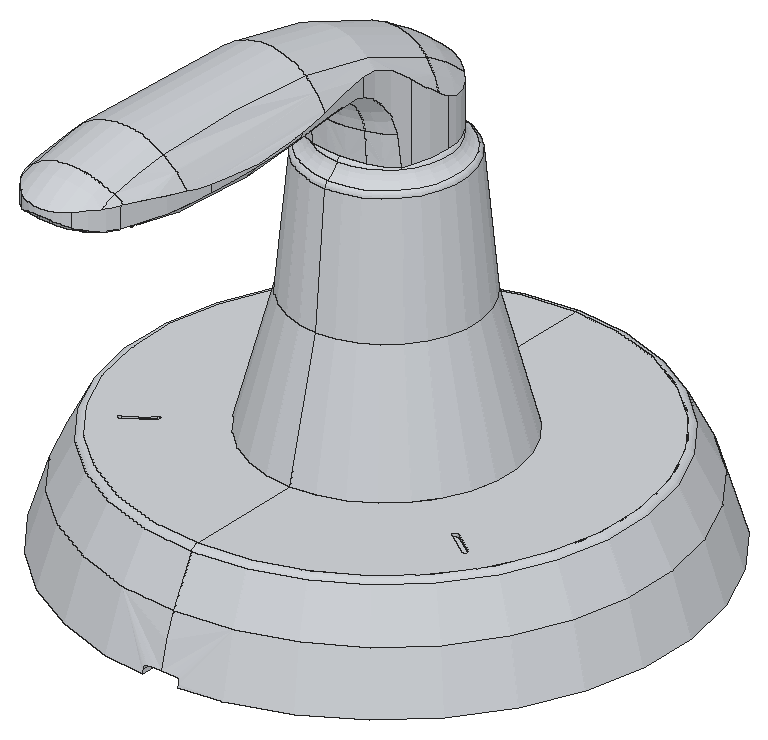
Revit family "Shower-Valve_Trim-KOHLER-Coralais-K-T97831_1", category Specialty Equipment, host Face, Revit 2017
Family settings
  Host = Face
  Round Connector Dimension = Use Diameter
  Part Type = Normal
  OmniClass Number = 23.31.25.00
  OmniClass Title = Toilet and Bath Specialties
  Cut with Voids When Loaded = No
  Shared = No
  Room Calculation Point = No
Parameters (values of type "CP-Polished Chrome")
  Width = 4"  # constant formula
  WaterSense Certified = 1 = 0  # no
  URL = "https://www.us.kohler.com/us/"
  Product Page URL = "http://www.us.kohler.com/us/catalog/productDetails.jsp?productNumber=T97831-4"
  Product Name = "Coralais"  # constant formula
  Product Documentation Link = "https://www.us.kohler.com/webassets/kpna/catalog/pdf/en/K-T97831-4_spec.pdf"
  Model = "K-T97831-4-CP"  # constant formula
  Material = "Premium Metal Construction"  # constant formula
  Master Format 2014 Name = "Toilet, Bath, and Laundry Accessories"  # constant formula
  Master Format 2014 = "10 28 00"  # constant formula
  Manufacturer Address = "444 Highland Dr, Kohler, WI 53044"  # constant formula
  Manufacturer = "KOHLER Co."  # constant formula
  Length = 3 11/16"  # constant formula
  Height = 4"  # constant formula
  Handle Clearance = 3 1/16"  # constant formula
  Finish = Kohler-Metal-CP-Polished_Chrome
  Environmental Product Declaration = ""
  Description = "Valve trim for transfer valve with lever handle, requires valve"  # constant formula
  Default Elevation = 42"
  Declare Label = ""
  Date Modified = "03/19/2020"  # constant formula
  Date Created = "03/19/2020"  # constant formula
  Copyright = "Copyright KOHLER Co."  # constant formula
  Contact Us = "https://www.us.kohler.com/us/static/contact.jsp"
  Assembly Code = "C1030200"
  ADA Compliant = 1 = 1  # yes
Reference planes
  plane 1 "Center (Front/Back)": y = 0
  plane 2: z = 0
  plane 3 "Center (Left/Right)": x = 0
  plane 4: y = 50.8
  plane 5: y = -50.8
  plane 6: y = -77.788
  plane 7: x = -50.8
  plane 8: x = 50.8
  plane 9: z = 18.546
  plane 10: z = 66.697
  plane 11: x = 21.706
  plane 12: y = 21.706
  plane 13: x = -21.706
  plane 14: y = -21.706
  plane 15: z = 93.663
Dimensions and locks
  "Handle Clearance": plane 1 "Center (Front/Back)" to plane 6
  "Width": plane 7 to plane 8
  "Height": plane 5 to plane 4
  "Length": plane 15 to level
  aligned and locked: plane 2 to host face
  aligned and locked: level to host face
  aligned and locked: plane 3 "Center (Left/Right)" to nested 1
  aligned and locked: plane 1 "Center (Front/Back)" to nested 1
Automatic sketch dimensions
  host sketch curve to host sketch curve = 96"  (x2)
Nested families
  nested 1: "K-T97831" at (0, 0, 0), type "K-T97831"
Definition of nested family "K-T97831"
  Parameters (values of type "K-T97831")
    Material = none
  Reference planes
    plane 1 "Center (Front/Back)": y = 0
    plane 2: z = 0
    plane 3 "Center (Left/Right)": x = 0
    plane 4: x = -50.8
    plane 5: x = 50.8
    plane 6: z = 93.662
    plane 7: y = 50.8
    plane 8: y = -50.8
    plane 9: y = -77.788
    plane 10: z = 18.546
    plane 11: z = 66.697
  Forms (mm)
    Revolve 1, solid, material <- "Material", detail levels medium+fine
      sketch origin (0, 0, 0) x (0, 1, 0) y (0, 0, 1)
        loop
          arc (50.8, 0) -> (49.501, 5.064) -> (47.746, 9.988) r 57.288
          arc (47.746, 9.988) -> (45.913, 13.981) -> (43.748, 17.806) r 51.841
          arc (43.748, 17.806) -> (43.176, 18.349) -> (42.413, 18.546) r 1.573
          line (42.413, 18.546) -> (21.706, 18.546)
          arc (21.706, 18.546) -> (18.257, 29.494) -> (15.771, 40.7) r 132.057
          arc (15.771, 40.7) -> (14.282, 51.8) -> (13.718, 62.985) r 135.117
          arc (13.718, 62.985) -> (13.547, 63.547) -> (13.098, 63.927) r 1.041
          arc (13.098, 63.927) -> (11.846, 64.795) -> (11.004, 66.064) r 4.044
          arc (11.004, 66.064) -> (10.659, 66.501) -> (10.138, 66.697) r 1.036
          line (10.138, 66.697) -> (9.307, 66.697) -> (10.287, 67.208) -> (0, 67.208) -> (0, 8.925) -> (44.45, 8.925) -> (44.45, 0) -> (50.8, 0)
        axis (0, 0) -> (0, 67.208)
      angle from 0 to 360
    Extrusion 2, solid, material <- "Material", detail levels medium+fine
      sketch origin (0, 0, 0) x (1, 0, 0) y (0, 1, 0)
        loop
          arc (-8.523, -70.134) -> (-6.904, -73.433) -> (-4.454, -76.172) r 13.472
          arc (-4.454, -76.172) -> (0, -77.808) -> (4.454, -76.172) r 6.88
          arc (4.454, -76.172) -> (6.904, -73.433) -> (8.523, -70.134) r 13.472
          arc (8.523, -70.134) -> (10.623, -62.242) -> (11.773, -54.156) r 68.817
          arc (11.773, -54.156) -> (12.191, -43.965) -> (11.773, -33.774) r 124.513
          arc (11.773, -33.774) -> (10.785, -25.302) -> (9.218, -16.918) r 124.513
          arc (9.218, -16.918) -> (8.823, -11.852) -> (9.855, -6.877) r 18.058
          arc (9.855, -6.877) -> (10.753, -3.49) -> (11.056, 0) r 20.295
          arc (11.056, 0) -> (0, 11.056) -> (-11.056, 0) r 11.056
          arc (-11.056, 0) -> (-10.754, -3.487) -> (-9.857, -6.87) r 20.295
          arc (-9.857, -6.87) -> (-8.825, -11.854) -> (-9.22, -16.929) r 18.101
          arc (-9.22, -16.929) -> (-11.899, -35.446) -> (-11.773, -54.156) r 124.513
          arc (-11.773, -54.156) -> (-10.623, -62.242) -> (-8.523, -70.134) r 68.817
      from 67.208 to 93.662
    Sweep 3, void
      path origin (0, 0, 0) x (0, 1, 0) y (0, 0, 1)
        loop
          arc (-80.331, 85.125) -> (-76.034, 89.205) -> (-70.609, 91.59) r 17.251
          arc (-70.609, 91.59) -> (-64.895, 92.716) -> (-59.101, 93.303) r 62.114
          arc (-59.101, 93.303) -> (-42.919, 93.397) -> (-26.804, 91.935) r 168.158
          arc (-26.804, 91.935) -> (-12.46, 88.632) -> (1.086, 82.873) r 83.936
          arc (1.086, 82.873) -> (9.682, 76.967) -> (16.746, 69.294) r 46.527
      profile origin (0, -12.46, 88.632) x (0, 0.309019, 0.951056) y (1, 0, 0)
        loop
          arc (-2.487, -7.251) -> (-6.815, -11.095) -> (-12.235, -13.127) r 15.834
          line (-12.235, -13.127) -> (-12.235, -20.08) -> (15.732, -20.08) -> (15.732, 20.08) -> (-12.235, 20.08) -> (-12.235, 13.127)
          arc (-12.235, 13.127) -> (-6.815, 11.095) -> (-2.487, 7.251) r 15.834
          arc (-2.487, 7.251) -> (0, 0) -> (-2.487, -7.251) r 11.816
    Sweep 4, void
      path origin (0, 0, 0) x (0, 1, 0) y (0, 0, 1)
        loop
          arc (-79.628, 89.189) -> (-76.081, 84.959) -> (-71.191, 82.397) r 14.232
          arc (-71.191, 82.397) -> (-58.115, 79.516) -> (-44.763, 78.502) r 94.957
          arc (-44.763, 78.502) -> (-39.046, 78.674) -> (-33.356, 79.246) r 81.357
          arc (-33.356, 79.246) -> (-26.885, 79.935) -> (-20.384, 80.24) r 110.351
          arc (-20.384, 80.24) -> (-14.482, 78.118) -> (-11.473, 72.616) r 8.841
          arc (-11.473, 72.616) -> (-11.137, 69.734) -> (-10.927, 66.84) r 66.242
      profile origin (0, -33.356, 79.246) x (0, -0.135026, 0.990842) y (1, 0, 0)
        loop
          arc (0.524, -4.809) -> (0, 0) -> (0.524, 4.809) r 22.349
          arc (0.524, 4.809) -> (2.782, 9.637) -> (6.885, 13.037) r 12.176
          line (6.885, 13.037) -> (6.885, 19.918) -> (-1.814, 19.918) -> (-1.814, -19.918) -> (6.885, -19.918) -> (6.885, -13.037)
          arc (6.885, -13.037) -> (2.782, -9.637) -> (0.524, -4.809) r 12.176
    Extrusion 5, void
      sketch origin (0, 0, 0) x (0, 1, 0) y (0, 0, 1)
        loop
          line (-77.808, 67.208) -> (-12.764, 67.208)
          arc (-12.764, 67.208) -> (-12.965, 69.793) -> (-13.27, 72.367) r 64.428
          arc (-13.27, 72.367) -> (-15.662, 76.74) -> (-20.352, 78.426) r 7.026
          arc (-20.352, 78.426) -> (-26.746, 78.126) -> (-33.111, 77.449) r 108.537
          arc (-33.111, 77.449) -> (-38.928, 76.863) -> (-44.772, 76.688) r 83.171
          arc (-44.772, 76.688) -> (-58.379, 77.721) -> (-71.706, 80.657) r 96.772
          arc (-71.706, 80.657) -> (-74.943, 82.015) -> (-77.808, 84.044) r 16.046
          line (-77.808, 84.044) -> (-77.808, 67.208)
      from -16.916 to 16.886
    Extrusion 6, void
      sketch origin (0, 0, 0) x (1, 0, 0) y (0, 0, 1)
        loop
          line (0, 0) -> (3.178, 0) -> (3.178, 0.865)
          arc (3.178, 0.865) -> (2.985, 1.331) -> (2.519, 1.524) r 0.659
          line (2.519, 1.524) -> (-2.519, 1.524)
          arc (-2.519, 1.524) -> (-2.985, 1.331) -> (-3.178, 0.865) r 0.659
          line (-3.178, 0.865) -> (-3.178, 0) -> (0, 0)
      from 42.408 to 52.145
    Extrusion 7, void
      sketch origin (0, 0, 0) x (1, 0, 0) y (0, 1, 0)
        loop
          line (-30.622, -21.359) -> (-26.47, -18.452)
          arc (-26.47, -18.452) -> (-26.35, -17.771) -> (-27.031, -17.651) r 0.489
          line (-27.031, -17.651) -> (-31.183, -20.558)
          arc (-31.183, -20.558) -> (-31.303, -21.239) -> (-30.622, -21.359) r 0.489
        loop
          arc (30.622, -21.359) -> (31.303, -21.239) -> (31.183, -20.558) r 0.489
          line (31.183, -20.558) -> (27.031, -17.651)
          arc (27.031, -17.651) -> (26.35, -17.771) -> (26.47, -18.452) r 0.489
          line (26.47, -18.452) -> (30.622, -21.359)
      from 18.106 to 19.455
    Revolve 8, solid, material <- "Material", detail levels coarse
      sketch origin (0, 0, 0) x (0, 1, 0) y (0, 0, 1)
        loop
          line (0, 78.725) -> (0, 0) -> (50.8, 0) -> (50.8, 18.546) -> (14.287, 18.546) -> (14.287, 78.725) -> (0, 78.725)
        axis (0, 78.725) -> (0, 0)
      angle from 0 to 360
    Revolve 9, solid, material <- "Material", detail levels coarse
      sketch origin (0, 0, 0) x (0, 1, 0) y (0, 0, 1)
        loop
          line (14.287, 93.662) -> (-18.531, 93.662) -> (-18.531, 89.844) -> (-77.565, 89.844) -> (-77.565, 78.764) -> (14.287, 78.764) -> (14.287, 93.662)
        axis (14.287, 78.764) -> (-77.565, 78.764)
      angle from 0 to 360
  Cuts and joins
    Extrusion 6, Extrusion 7 cuts Revolve 1
    Sweep 3, Sweep 4, Extrusion 5 cuts Extrusion 2
    joined: Revolve 1, Extrusion 2
    joined: Revolve 8, Revolve 9
  Lines and regions (mm)
    Masking region 1
      outline origin (0, 0, 0) x (0, 1, 0) y (0, 0, 1)
        loop
          arc (50.8, 0) -> (48.09, 9.253) -> (43.712, 17.844) r 51.823
          arc (43.712, 17.844) -> (43.164, 18.36) -> (42.435, 18.548) r 1.512
          line (42.435, 18.548) -> (21.706, 18.548)
          arc (21.706, 18.548) -> (18.164, 29.741) -> (15.719, 41.224) r 121.482
          arc (15.719, 41.224) -> (14.217, 52.069) -> (13.717, 63.005) r 119.164
          arc (13.717, 63.005) -> (13.558, 63.541) -> (13.131, 63.902) r 0.979
          arc (13.131, 63.902) -> (11.839, 64.798) -> (10.979, 66.116) r 4.096
          arc (10.979, 66.116) -> (10.637, 66.538) -> (10.117, 66.697) r 0.93
          line (10.117, 66.697) -> (9.307, 66.697) -> (10.287, 67.208) -> (11.14, 67.208) -> (11.14, 74.978)
          arc (11.14, 74.978) -> (10.984, 75.7) -> (10.543, 76.291) r 1.741
          arc (10.543, 76.291) -> (2.389, 82.197) -> (-6.687, 86.555) r 56.264
          arc (-6.687, 86.555) -> (-18.278, 90.133) -> (-30.208, 92.331) r 103.503
          arc (-30.208, 92.331) -> (-36.343, 92.954) -> (-42.5, 93.303) r 138.168
          arc (-42.5, 93.303) -> (-50.952, 93.663) -> (-59.405, 93.303) r 99.392
          arc (-59.405, 93.303) -> (-64.934, 92.675) -> (-70.421, 91.742) r 100.213
          arc (-70.421, 91.742) -> (-73.971, 90.563) -> (-77.121, 88.545) r 15.065
          arc (-77.121, 88.545) -> (-77.788, 87.109) -> (-77.101, 85.683) r 1.851
          arc (-77.101, 85.683) -> (-73.638, 83.425) -> (-69.79, 81.913) r 20.342
          arc (-69.79, 81.913) -> (-60.378, 79.797) -> (-50.8, 78.655) r 94.101
          arc (-50.8, 78.655) -> (-40.75, 78.516) -> (-30.743, 79.448) r 94.101
          arc (-30.743, 79.448) -> (-25.53, 80.035) -> (-20.29, 80.264) r 76.63
          arc (-20.29, 80.264) -> (-17.94, 79.969) -> (-15.752, 79.061) r 8.84
          arc (-15.752, 79.061) -> (-12.765, 76.198) -> (-11.408, 72.29) r 8.84
          arc (-11.408, 72.29) -> (-11.103, 70.183) -> (-10.961, 68.059) r 27.49
          arc (-10.961, 68.059) -> (-10.748, 67.505) -> (-10.234, 67.208) r 0.89
          line (-10.234, 67.208) -> (-9.307, 66.697) -> (-10.117, 66.697)
          arc (-10.117, 66.697) -> (-10.637, 66.538) -> (-10.979, 66.116) r 0.93
          arc (-10.979, 66.116) -> (-11.839, 64.798) -> (-13.131, 63.902) r 4.096
          arc (-13.131, 63.902) -> (-13.558, 63.541) -> (-13.717, 63.005) r 0.979
          arc (-13.717, 63.005) -> (-14.217, 52.069) -> (-15.719, 41.224) r 119.164
          arc (-15.719, 41.224) -> (-18.164, 29.741) -> (-21.706, 18.548) r 121.482
          line (-21.706, 18.548) -> (-42.435, 18.548)
          arc (-42.435, 18.548) -> (-43.164, 18.36) -> (-43.712, 17.844) r 1.512
          arc (-43.712, 17.844) -> (-48.09, 9.253) -> (-50.8, 0) r 51.823
          line (-50.8, 0) -> (50.8, 0)
    Masking region 2
      outline origin (0, 0, 0) x (1, 0, 0) y (0, 0, 1)
        loop
          line (-21.706, 18.546) -> (-42.402, 18.546)
          arc (-42.402, 18.546) -> (-43.161, 18.351) -> (-43.732, 17.814) r 1.574
          arc (-43.732, 17.814) -> (-48.101, 9.238) -> (-50.8, 0) r 51.573
          line (-50.8, 0) -> (50.8, 0)
          arc (50.8, 0) -> (48.101, 9.238) -> (43.732, 17.814) r 51.573
          arc (43.732, 17.814) -> (43.161, 18.351) -> (42.402, 18.546) r 1.574
          line (42.402, 18.546) -> (21.706, 18.546)
          arc (21.706, 18.546) -> (18.234, 29.749) -> (15.64, 41.187) r 151.408
          arc (15.64, 41.187) -> (14.164, 52) -> (13.744, 62.906) r 112.255
          arc (13.744, 62.906) -> (13.579, 63.5) -> (13.122, 63.914) r 1.109
          arc (13.122, 63.914) -> (11.796, 64.88) -> (10.883, 66.242) r 4.697
          arc (10.883, 66.242) -> (10.603, 66.573) -> (10.187, 66.697) r 0.761
          line (10.187, 66.697) -> (9.282, 66.697) -> (10.409, 67.271)
          arc (10.409, 67.271) -> (10.764, 67.592) -> (10.905, 68.049) r 0.909
          line (10.905, 68.049) -> (11.278, 78.725)
          arc (11.278, 78.725) -> (11.242, 79.238) -> (11.098, 79.732) r 2.43
          arc (11.098, 79.732) -> (10.663, 80.748) -> (10.197, 81.75) r 36.737
          arc (10.197, 81.75) -> (11.173, 82.706) -> (12.041, 83.76) r 12.912
          arc (12.041, 83.76) -> (12.242, 84.257) -> (12.179, 84.789) r 1.075
          arc (12.179, 84.789) -> (9.677, 88.962) -> (5.935, 92.072) r 14.482
          arc (5.935, 92.072) -> (0, 93.665) -> (-5.935, 92.072) r 11.851
          arc (-5.935, 92.072) -> (-9.677, 88.962) -> (-12.179, 84.789) r 14.482
          arc (-12.179, 84.789) -> (-12.242, 84.257) -> (-12.041, 83.76) r 1.075
          arc (-12.041, 83.76) -> (-11.173, 82.706) -> (-10.197, 81.75) r 12.912
          arc (-10.197, 81.75) -> (-10.663, 80.748) -> (-11.098, 79.732) r 36.737
          arc (-11.098, 79.732) -> (-11.242, 79.238) -> (-11.278, 78.725) r 2.43
          line (-11.278, 78.725) -> (-10.905, 68.049)
          arc (-10.905, 68.049) -> (-10.764, 67.592) -> (-10.409, 67.271) r 0.909
          line (-10.409, 67.271) -> (-9.282, 66.697) -> (-10.187, 66.697)
          arc (-10.187, 66.697) -> (-10.603, 66.573) -> (-10.883, 66.242) r 0.761
          arc (-10.883, 66.242) -> (-11.796, 64.88) -> (-13.122, 63.914) r 4.697
          arc (-13.122, 63.914) -> (-13.579, 63.5) -> (-13.744, 62.906) r 1.109
          arc (-13.744, 62.906) -> (-14.164, 52) -> (-15.64, 41.187) r 112.255
          arc (-15.64, 41.187) -> (-18.234, 29.749) -> (-21.706, 18.546) r 151.408
    Masking region 3
      outline origin (0, 0, 0) x (1, 0, 0) y (0, 1, 0)
        loop
          arc (12.075, -49.344) -> (0, 50.8) -> (-12.075, -49.344) r 50.8
          arc (-12.075, -49.344) -> (-11.948, -51.752) -> (-11.773, -54.156) r 124.513
          arc (-11.773, -54.156) -> (-11.384, -57.77) -> (-10.768, -61.352) r 57.647
          arc (-10.768, -61.352) -> (-9.48, -67.429) -> (-7.255, -73.227) r 39.446
          arc (-7.255, -73.227) -> (0, -77.804) -> (7.255, -73.227) r 8.039
          arc (7.255, -73.227) -> (9.48, -67.429) -> (10.768, -61.352) r 39.446
          arc (10.768, -61.352) -> (11.384, -57.77) -> (11.773, -54.156) r 57.647
          arc (11.773, -54.156) -> (11.948, -51.752) -> (12.075, -49.344) r 124.513
    symbolic lines, detail levels medium+fine
      curve 1: arc (-9.22, -16.929, 0) -> (-11.899, -35.446, 0) -> (-11.773, -54.156, 0) r 124.513
      curve 2: arc (-9.857, -6.87, 0) -> (-8.825, -11.854, 0) -> (-9.22, -16.929, 0) r 18.101
      curve 3: arc (11.056, 0, 0) -> (0, 11.056, 0) -> (-11.056, 0, 0) r 11.056
      curve 4: arc (9.855, -6.877, 0) -> (10.753, -3.49, 0) -> (11.056, 0, 0) r 20.295
      curve 5: arc (9.218, -16.918, 0) -> (8.823, -11.852, 0) -> (9.855, -6.877, 0) r 18.058
      curve 6: arc (11.773, -33.774, 0) -> (10.785, -25.302, 0) -> (9.218, -16.918, 0) r 124.513
      curve 7: arc (11.773, -54.156, 0) -> (12.191, -43.965, 0) -> (11.773, -33.774, 0) r 124.513
      curve 8: arc (-11.056, 0, 0) -> (-10.754, -3.487, 0) -> (-9.857, -6.87, 0) r 20.295
      curve 9: arc (-9.743, -19.397, 0) -> (0, 21.706, 0) -> (9.743, -19.397, 0) r 21.706
      curve 10: line (-10.287, 0, 67.208) -> (10.287, 0, 67.208)
      curve 11: line (9.307, 0, 66.697) -> (-9.307, 0, 66.697)
      curve 12: line (21.706, 0, 18.546) -> (-21.706, 0, 18.546)
      curve 13: line (0, 21.706, 18.548) -> (0, -21.706, 18.548)
      curve 14: line (0, 9.307, 66.697) -> (0, -10.138, 66.697)
      curve 15: line (0, 10.287, 67.208) -> (0, -9.908, 67.208)
      curve 16: line (0, 13.104, 63.914) -> (0, -13.104, 63.914)
      curve 17: line (0, 13.717, 62.906) -> (0, -13.717, 62.906)
      curve 18: line (0, 43.712, 17.844) -> (0, -43.712, 17.844)
      curve 19: arc (12.175, -41.982, 0) -> (0, 43.712, 0) -> (-12.175, -41.982, 0) r 43.712
      curve 20: arc (9.143, -9.425, 0) -> (0.001, 13.131, 0) -> (-9.145, -9.423, 0) r 13.131
      curve 21: arc (8.979, -10.37, 0) -> (0.001, 13.717, 0) -> (-8.981, -10.369, 0) r 13.717
      curve 22: arc (9.885, -20.11, 0) -> (0, 22.408, 0) -> (-9.885, -20.11, 0) r 22.408
      curve 23: arc (12.147, -40.659, 0) -> (0, 42.435, 0) -> (-12.147, -40.659, 0) r 42.435
      curve 24: line (-13.122, 0, 63.914) -> (13.122, 0, 63.914)
      curve 25: line (-13.744, 0, 62.906) -> (13.744, 0, 62.906)
      curve 26: line (-43.732, 0, 17.814) -> (43.732, 0, 17.814)
      curve 27: arc (12.179, 0, 84.789) -> (11.363, 0, 85.741) -> (10.304, 0, 86.413) r 4.239
      curve 28: arc (10.304, 0, 86.413) -> (9.744, 0, 86.601) -> (9.158, 0, 86.683) r 3.186
      curve 29: arc (9.158, 0, 86.683) -> (8.573, 0, 86.438) -> (8.392, 0, 85.83) r 0.741
      curve 30: arc (8.392, 0, 85.83) -> (8.69, 0, 84.659) -> (9.208, 0, 83.568) r 6.243
      curve 31: arc (9.208, 0, 83.568) -> (9.915, 0, 82.264) -> (10.506, 0, 80.904) r 17.159
      curve 32: arc (10.506, 0, 80.904) -> (10.726, 0, 80.195) -> (10.851, 0, 79.464) r 5.63
      curve 33: arc (10.851, 0, 79.464) -> (10.608, 0, 78.196) -> (9.704, 0, 77.275) r 2.235
      curve 34: arc (-12.179, 0, 84.789) -> (-11.363, 0, 85.741) -> (-10.304, 0, 86.413) r 4.239
      curve 35: arc (-10.304, 0, 86.413) -> (-9.744, 0, 86.601) -> (-9.158, 0, 86.683) r 3.186
      curve 36: arc (-9.158, 0, 86.683) -> (-8.573, 0, 86.438) -> (-8.392, 0, 85.83) r 0.741
      curve 37: arc (-8.392, 0, 85.83) -> (-8.69, 0, 84.659) -> (-9.208, 0, 83.568) r 6.243
      curve 38: arc (-9.208, 0, 83.568) -> (-9.915, 0, 82.264) -> (-10.506, 0, 80.904) r 17.159
      curve 39: arc (-10.506, 0, 80.904) -> (-10.726, 0, 80.195) -> (-10.851, 0, 79.464) r 5.63
      curve 40: arc (-10.851, 0, 79.464) -> (-10.608, 0, 78.196) -> (-9.704, 0, 77.275) r 2.235
      curve 41: arc (4.068, 0, 75.962) -> (0, 0, 75.834) -> (-4.068, 0, 75.962) r 64.854
      curve 42: arc (7.608, 0, 76.411) -> (5.845, 0, 76.13) -> (4.068, 0, 75.962) r 28.088
      curve 43: arc (9.704, 0, 77.275) -> (8.7, 0, 76.737) -> (7.608, 0, 76.411) r 5.682
      curve 44: arc (-7.608, 0, 76.411) -> (-5.845, 0, 76.13) -> (-4.068, 0, 75.962) r 28.088
      curve 45: arc (-9.704, 0, 77.275) -> (-8.7, 0, 76.737) -> (-7.608, 0, 76.411) r 5.682
      curve 46: arc (10.222, 0, 76.577) -> (9.058, 0, 75.961) -> (7.795, 0, 75.586) r 6.674
      curve 47: arc (7.795, 0, 75.586) -> (5.97, 0, 75.295) -> (4.131, 0, 75.12) r 29.08
      curve 48: arc (4.131, 0, 75.12) -> (0, 0, 74.991) -> (-4.131, 0, 75.12) r 65.846
      curve 49: arc (-7.795, 0, 75.586) -> (-5.97, 0, 75.295) -> (-4.131, 0, 75.12) r 29.08
      curve 50: arc (11.278, 0, 78.725) -> (11.041, 0, 77.508) -> (10.222, 0, 76.577) r 2.373
      curve 51: arc (-10.222, 0, 76.577) -> (-9.058, 0, 75.961) -> (-7.795, 0, 75.586) r 6.674
      curve 52: arc (-11.278, 0, 78.725) -> (-11.041, 0, 77.508) -> (-10.222, 0, 76.577) r 2.373
      curve 53: arc (12.041, 0, 83.76) -> (11.513, 0, 84.444) -> (10.829, 0, 84.972) r 3.397
      curve 54: arc (10.829, 0, 84.972) -> (10.183, 0, 85.256) -> (9.489, 0, 85.383) r 3.033
      curve 55: arc (9.489, 0, 85.383) -> (8.968, 0, 85.245) -> (8.634, 0, 84.822) r 0.851
      curve 56: arc (-12.041, 0, 83.76) -> (-11.513, 0, 84.444) -> (-10.829, 0, 84.972) r 3.397
      curve 57: arc (-10.829, 0, 84.972) -> (-10.183, 0, 85.256) -> (-9.489, 0, 85.383) r 3.033
      curve 58: arc (-9.489, 0, 85.383) -> (-8.968, 0, 85.245) -> (-8.634, 0, 84.822) r 0.851
      curve 59: arc (0, 10.88, 75.895) -> (0, 3.739, 77.613) -> (0, -2.724, 81.103) r 28.448
      curve 60: arc (0, -2.724, 81.103) -> (0, -6.195, 83.294) -> (0, -9.908, 85.042) r 33.389
      curve 61: arc (0, -9.908, 85.042) -> (0, -15.095, 86.473) -> (0, -20.47, 86.745) r 24.659
      curve 62: arc (0, -20.47, 86.745) -> (0, -28.072, 86.176) -> (0, -35.652, 85.366) r 239.453
      curve 63: arc (0, -35.652, 85.366) -> (0, -46.054, 84.684) -> (0, -56.467, 85.189) r 91.553
      curve 64: arc (0, -56.467, 85.189) -> (0, -67.011, 86.475) -> (0, -77.508, 88.096) r 333.277
      curve 65: arc (0, 11.14, 74.871) -> (0, 3.556, 76.622) -> (0, -3.304, 80.298) r 29.44
      curve 66: arc (0, -3.304, 80.298) -> (0, -6.672, 82.424) -> (0, -10.275, 84.12) r 32.397
      curve 67: arc (0, -10.275, 84.12) -> (0, -15.253, 85.494) -> (0, -20.411, 85.755) r 23.667
      curve 68: arc (0, -20.411, 85.755) -> (0, -27.982, 85.188) -> (0, -35.531, 84.381) r 238.461
      curve 69: arc (0, -35.531, 84.381) -> (0, -46.046, 83.692) -> (0, -56.571, 84.202) r 92.545
      curve 70: arc (0, -56.571, 84.202) -> (0, -67.196, 85.499) -> (0, -77.774, 87.135) r 334.269
      curve 71: line (-31.183, -20.558, 0) -> (-27.031, -17.651, 0)
      curve 72: arc (-27.031, -17.651, 0) -> (-26.35, -17.771, 0) -> (-26.47, -18.452, 0) r 0.489
      curve 73: line (-26.47, -18.452, 0) -> (-30.622, -21.359, 0)
      curve 74: arc (-30.622, -21.359, 0) -> (-31.303, -21.239, 0) -> (-31.183, -20.558, 0) r 0.489
      curve 75: line (30.622, -21.359, 0) -> (26.47, -18.452, 0)
      curve 76: arc (26.47, -18.452, 0) -> (26.35, -17.771, 0) -> (27.031, -17.651, 0) r 0.489
      curve 77: line (27.031, -17.651, 0) -> (31.183, -20.558, 0)
      curve 78: arc (31.183, -20.558, 0) -> (31.303, -21.239, 0) -> (30.622, -21.359, 0) r 0.489
      curve 79: line (21.461, 0, 19.246) -> (-21.461, 0, 19.246)
      curve 80: line (0, 21.45, 19.246) -> (0, -21.45, 19.246)
  Dimensions and locks
    locked: plane 5 to plane 4 at 101.6
    plane 6 to level = 3 11/16"
    locked: plane 7 to plane 8 at 101.6
    locked: plane 1 "Center (Front/Back)" to plane 9 at 77.788
    locked: plane 6 to level at 93.662
    aligned and locked: plane 2 to level
